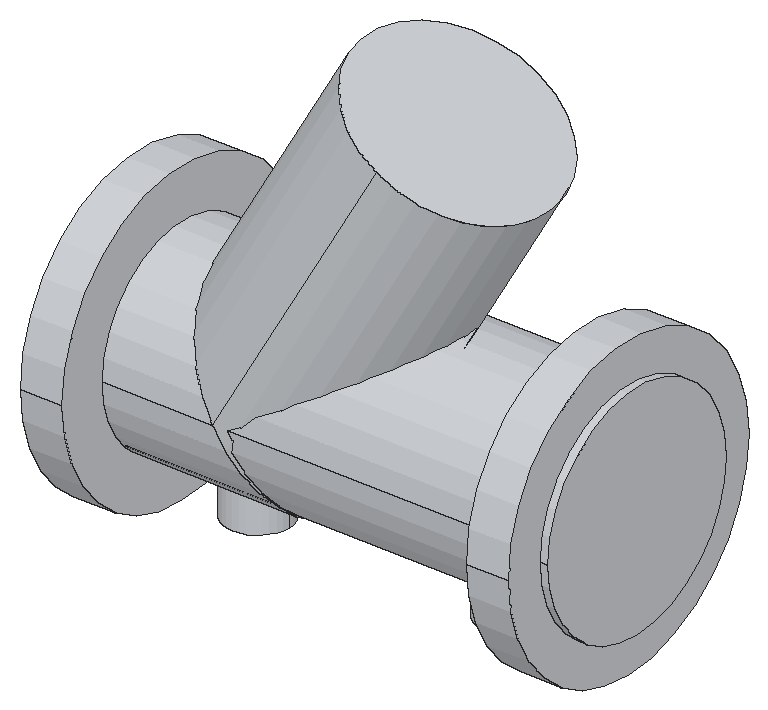
Revit family "HS 821-síto_standard-PN16-DN150-RFA_2019", category Pipe Accessories, Revit 2019
Family settings
  Round Connector Dimension = Use Diameter
  Part Type = Breaks Into
  Work Plane-Based = No
  Always vertical = Yes
  Cut with Voids When Loaded = No
  Shared = No
Parameters (values of type "821A-DN150-PN16-síto_standard")
  magiProductId = "2de770284b654863ae6bc865769dc5"
  magiProductFamilyId = "79214ac3aaa945e397802f559f5c1e"
  magiPartTypeId = 307
  isMeasuringValve [instance] = no
  ang2D [instance] = 0.00°
  ZB__ve = -ZB  # -44.75 mm
  ZB1 = 85.455 mm
  ZB = 44.75 mm
  X2 = 155.885 mm
  X1 = 67.2 mm
  W2D = 15 mm
  VersionID = "2.0/2017.9.26.1/ZETKAMA_821_001"
  Use Minimum Symbol Size [instance] = yes
  URL = "www.hydronix.cz"
  Type Comments = "Filtr přírubový; síto standardní; A-PN16 (-10~300°C); D-PN25 (-10~350°C); F-PN40 (-10~400°C)"
  S = 211 mm
  QmdConnectorList = "301;D;302;D"
  Productdata [instance] = ""
  Manufacturer = "Hydronix"
  MC Product Code = "200 192 (821A; DN150; PN16; kvs403; oko síta 1,60mm)"
  LM1 = 38.4 mm
  LM = 384 mm
  L4 = 120 mm
  L2D_Min = 3048 mm
  L2D = 130 mm
  L2 = 240 mm
  HH2 = 270 mm
  FD = 285 mm
  Description = "Filtr přírubový; síto standardní; 821A-PN16; 821D-PN25; 821F-PN40"
  DM1 = 192 mm
  DM = 189.9 mm
  D = 150 mm
  CC = 8.16 mm
  CAT0 = yes
  C1 = 39.84 mm
  C = 48 mm
  BD = 59.818 mm
Types (40, lengths in mm): name | magiProductId | ZB__ve | ZB1 | ZB | X2 | X1 | S | MC Product Code | LM1 | LM | L4 | L2 | HH2 | FD | DM1 | DM | D | CC | C1 | C | BD
  821A-DN015-PN16-síto_standard | "a71bcfe8b393460598b23e8ddf7dc5" | -16.25 | 18.63 | 16.25 | 46.982 | 18.2 | 46 | "200 115 (821A; DN015; PN16; kvs6,3; oko síta 1,00mm)" | 10.4 | 104 | 32.5 | 65 | 81.375 | 95 | 27.6 | 41.4 | 15 | 2.21 | 10.79 | 13 | 13.041
  821A-DN020-PN16-síto_standard | "41cd6c7a12924f4991217528336076" | -17.75 | 22.68 | 17.75 | 51.673 | 21 | 56 | "200 120 (821A; DN020; PN16; kvs11,2; oko síta 1,00mm)" | 12 | 120 | 37.5 | 75 | 89.5 | 105 | 33.6 | 50.4 | 20 | 2.55 | 12.45 | 15 | 15.876
  821A-DN025-PN16-síto_standard | "be378b463ed14c3abf4c9b3ae8cf3a" | -19.25 | 26.325 | 19.25 | 58.601 | 22.4 | 65 | "200 125 (821A; DN025; PN16; kvs14,7; oko síta 1,00mm)" | 12.8 | 128 | 40 | 80 | 101.5 | 115 | 43.2 | 58.5 | 25 | 2.72 | 13.28 | 16 | 18.427
  821A-DN032-PN16-síto_standard | "227a0d18b21540afabe8b6067d35fa" | -23 | 30.78 | 23 | 68.849 | 25.2 | 76 | "200 132 (821A; DN032; PN16; kvs23,7; oko síta 1,00mm)" | 14.4 | 144 | 45 | 90 | 119.25 | 140 | 50.4 | 68.4 | 32 | 3.06 | 14.94 | 18 | 21.546
  821A-DN040-PN16-síto_standard | "d106917c74724141a10440112d0102" | -24.5 | 34.02 | 24.5 | 75.777 | 28 | 84 | "200 140 (821A; DN040; PN16; kvs37,7; oko síta 1,00mm)" | 16 | 160 | 50 | 100 | 131.25 | 150 | 60 | 75.6 | 40 | 3.4 | 16.6 | 20 | 23.814
  821A-DN050-PN16-síto_standard | "8255d456a09e4f6486734f5dd9171b" | -26.75 | 40.095 | 26.75 | 79.061 | 32.2 | 99 | "200 150 (821A; DN050 PN16; kvs57,9; oko síta 1,00mm)" | 18.4 | 184 | 57.5 | 115 | 136.938 | 165 | 73.8 | 89.1 | 50 | 3.91 | 19.09 | 23 | 28.066
  821A-DN065-PN16-síto_standard | "235b1b3e4c0843779a4d5e3716d40a" | -29.75 | 47.79 | 29.75 | 86.927 | 40.6 | 118 | "200 165 (821A; DN065; PN16; kvs101,5; oko síta 1,25mm)" | 23.2 | 232 | 72.5 | 145 | 150.562 | 185 | 94.2 | 106.2 | 65 | 4.93 | 24.07 | 29 | 33.453
  821A-DN080-PN16-síto_standard | "a067f7c5236348ed8c820d16df7214" | -32 | 53.46 | 32 | 104.753 | 43.4 | 132 | "200 180 (821A; DN080; PN16; kvs147,4; oko síta 1,25mm)" | 24.8 | 248 | 77.5 | 155 | 181.438 | 200 | 107.4 | 118.8 | 80 | 5.27 | 25.73 | 31 | 37.422
  821A-DN100-PN16-síto_standard | "c49a648c2747461285837d643703cd" | -35 | 63.18 | 35 | 114.857 | 49 | 156 | "200 190 (821A; DN100; PN16; kvs209,6; oko síta 1,60mm)" | 28 | 280 | 87.5 | 175 | 198.937 | 220 | 131.4 | 140.4 | 100 | 5.95 | 29.05 | 35 | 44.226
  821A-DN125-PN16-síto_standard | "bf68e728a163493cbd2a663b26ebdc" | -39.5 | 74.52 | 39.5 | 131.888 | 56 | 184 | "200 191 (821A; DN125; PN16; kvs326,2; oko síta 1,60mm)" | 32 | 320 | 100 | 200 | 228.438 | 250 | 165 | 165.6 | 125 | 6.8 | 33.2 | 40 | 52.164
  821A-DN150-PN16-síto_standard | "2de770284b654863ae6bc865769dc5" | -44.75 | 85.455 | 44.75 | 155.885 | 67.2 | 211 | "200 192 (821A; DN150; PN16; kvs403; oko síta 1,60mm)" | 38.4 | 384 | 120 | 240 | 270 | 285 | 192 | 189.9 | 150 | 8.16 | 39.84 | 48 | 59.818
  821A-DN200-PN16-síto_standard | "8e5693371ab64aabb29a7f08c76e15" | -53 | 107.73 | 53 | 188.361 | 84 | 266 | "200 193 (821A; DN200; PN16; kvs707; oko síta 1,60mm)" | 48 | 480 | 150 | 300 | 326.25 | 340 | 252 | 239.4 | 200 | 10.2 | 49.8 | 60 | 75.411
  821A-DN250-PN16-síto_standard | "05e37ed948c34047acdd4c42556504" | -62.75 | 129.195 | 62.75 | 255.911 | 102.2 | 319 | "200 194 (821A; DN250; PN16; kvs1234; oko síta 1,60mm)" | 58.4 | 584 | 182.5 | 365 | 443.25 | 405 | 309.6 | 287.1 | 250 | 12.41 | 60.59 | 73 | 90.436
  821A-DN300-PN16-síto_standard | "9ad0af747269428da925480d83ce80" | -71 | 149.85 | 71 | 325.914 | 119 | 370 | "200 195 (821A; DN300; PN16; kvs1916; oko síta 1,60mm)" | 68 | 680 | 212.5 | 425 | 564.5 | 460 | 369.6 | 333 | 300 | 14.45 | 70.55 | 85 | 104.895
  821A-DN350-PN16-síto_standard | "eebc71459bb3451bb4355e7951370a" | -80 | 173.745 | 80 | 356.875 | 137.2 | 429 | "200 196 (821A; DN350; PN16; kvs2621; oko síta 1,60mm)" | 78.4 | 784 | 245 | 490 | 618.125 | 520 | 438 | 386.1 | 350 | 16.66 | 81.34 | 98 | 121.621
  821A-DN400-PN16-síto_standard | "d2f677cb196647e385b2590e7d8abe" | -89 | 194.4 | 89 | 392.237 | 154 | 480 | "200 197 (821A; DN400; PN16; kvs3460; oko síta 1,60mm)" | 88 | 880 | 275 | 550 | 679.375 | 580 | 498 | 432 | 400 | 18.7 | 91.3 | 110 | 136.08
  821D-DN015-PN25-síto_standard | "27ddcbf555414f8ca1fde329bf9087" | -16.25 | 18.63 | 16.25 | 46.982 | 18.2 | 46 | "200 215 (821D; DN015; PN25; kvs6,3; oko síta 1,00mm)" | 10.4 | 104 | 32.5 | 65 | 81.375 | 95 | 27.6 | 41.4 | 15 | 2.21 | 10.79 | 13 | 13.041
  821D-DN020-PN25-síto_standard | "270e0f14012f47189cd0235c18faee" | -17.75 | 22.68 | 17.75 | 51.673 | 21 | 56 | "200 220 (821D; DN020; PN25; kvs11,2; oko síta 1,00mm)" | 12 | 120 | 37.5 | 75 | 89.5 | 105 | 33.6 | 50.4 | 20 | 2.55 | 12.45 | 15 | 15.876
  821D-DN025-PN25-síto_standard | "b9a7fb4aa36643878c637d8e1ab992" | -19.25 | 26.325 | 19.25 | 58.601 | 22.4 | 65 | "200 225 (821D; DN025; PN25; kvs14,7; oko síta 1,00mm)" | 12.8 | 128 | 40 | 80 | 101.5 | 115 | 43.2 | 58.5 | 25 | 2.72 | 13.28 | 16 | 18.427
  821D-DN032-PN25-síto_standard | "6be9a55c4e68400f94eec7e804204c" | -23 | 30.78 | 23 | 68.849 | 25.2 | 76 | "200 232 (821D; DN032; PN25; kvs23,7; oko síta 1,00mm)" | 14.4 | 144 | 45 | 90 | 119.25 | 140 | 50.4 | 68.4 | 32 | 3.06 | 14.94 | 18 | 21.546
  821D-DN040-PN25-síto_standard | "c54511bd7f584ec2984291479612cb" | -24.5 | 34.02 | 24.5 | 75.777 | 28 | 84 | "200 240 (821D; DN040; PN25; kvs37,7; oko síta 1,00mm)" | 16 | 160 | 50 | 100 | 131.25 | 150 | 60 | 75.6 | 40 | 3.4 | 16.6 | 20 | 23.814
  821D-DN050-PN25-síto_standard | "5483b1f596b04cd39b23a14a22c90e" | -26.75 | 40.095 | 26.75 | 79.061 | 32.2 | 99 | "200 250 (821D; DN050; PN25; kvs57,9; oko síta 1,00mm)" | 18.4 | 184 | 57.5 | 115 | 136.938 | 165 | 73.8 | 89.1 | 50 | 3.91 | 19.09 | 23 | 28.066
  821D-DN065-PN25-síto_standard | "767b0f8318e94750bc7a9930ed5b30" | -29.75 | 47.79 | 29.75 | 86.927 | 40.6 | 118 | "200 265 (821D; DN065; PN25; kvs101,5; oko síta 1,25mm)" | 23.2 | 232 | 72.5 | 145 | 150.562 | 185 | 94.2 | 106.2 | 65 | 4.93 | 24.07 | 29 | 33.453
  821D-DN080-PN25-síto_standard | "e21040fa3cc2404b858198f6b73709" | -32 | 53.46 | 32 | 104.753 | 43.4 | 132 | "200 280 (821D; DN080; PN25; kvs147,4; oko síta 1,25mm)" | 24.8 | 248 | 77.5 | 155 | 181.438 | 200 | 107.4 | 118.8 | 80 | 5.27 | 25.73 | 31 | 37.422
  821D-DN100-PN25-síto_standard | "175ca87a506b40b3bc6b82f12f33cf" | -37.25 | 63.18 | 37.25 | 114.857 | 49 | 156 | "200 290 (821D; DN100; PN25; kvs209,6; oko síta 1,60mm)" | 28 | 280 | 87.5 | 175 | 198.937 | 235 | 131.4 | 140.4 | 100 | 5.95 | 29.05 | 35 | 44.226
  821D-DN125-PN25-síto_standard | "77cc98d60da24855999a22dff726b2" | -42.5 | 74.52 | 42.5 | 131.888 | 56 | 184 | "200 291 (821D; DN125; PN25; kvs326,2; oko síta 1,60mm)" | 32 | 320 | 100 | 200 | 228.438 | 270 | 165 | 165.6 | 125 | 6.8 | 33.2 | 40 | 52.164
  821D-DN150-PN25-síto_standard | "9cf8acfcd15547d68e83172d3abcbe" | -47 | 85.455 | 47 | 155.885 | 67.2 | 211 | "200 292 (821D; DN150; PN25; kvs403; oko síta 1,60mm)" | 38.4 | 384 | 120 | 240 | 270 | 300 | 192 | 189.9 | 150 | 8.16 | 39.84 | 48 | 59.818
  821D-DN200-PN25-síto_standard | "16973f3c9ea14389ba8602495a6b64" | -56 | 110.97 | 56 | 188.361 | 84 | 274 | "200 293 (821D; DN200; PN25; kvs707; oko síta 1,60mm)" | 48 | 480 | 150 | 300 | 326.25 | 360 | 252 | 246.6 | 200 | 10.2 | 49.8 | 60 | 77.679
  821F-DN015-PN40-síto_standard | "4c7eaf3c4c0340888b3e684d8a8616" | -16.25 | 18.225 | 16.25 | 46.982 | 18.2 | 45 | "240 615 (821F; DN015; PN40; kvs6,3; oko síta 1,00mm)" | 10.4 | 104 | 32.5 | 65 | 81.375 | 95 | 27.6 | 40.5 | 15 | 2.21 | 10.79 | 13 | 12.757
  821F-DN020-PN40-síto_standard | "aaac5f1ec96b44d6ba96ac2293d66d" | -17.75 | 23.49 | 17.75 | 51.673 | 21 | 58 | "240 620 (821F; DN020; PN40; kvs11,2; oko síta 1,00mm)" | 12 | 120 | 37.5 | 75 | 89.5 | 105 | 33.6 | 52.2 | 20 | 2.55 | 12.45 | 15 | 16.443
  821F-DN025-PN40-síto_standard | "504768023968471481789485b54c7e" | -19.25 | 27.54 | 19.25 | 58.601 | 22.4 | 68 | "240 625 (821F; DN025; PN40; kvs14,7; oko síta 1,00mm)" | 12.8 | 128 | 40 | 80 | 101.5 | 115 | 43.2 | 61.2 | 25 | 2.72 | 13.28 | 16 | 19.278
  821F-DN032-PN40-síto_standard | "165e7f39cf744f329bdf1c400dad12" | -23 | 31.59 | 23 | 68.849 | 25.2 | 78 | "240 632 (821F; DN032; PN40; kvs23,7; oko síta 1,00mm)" | 14.4 | 144 | 45 | 90 | 119.25 | 140 | 50.4 | 70.2 | 32 | 3.06 | 14.94 | 18 | 22.113
  821F-DN040-PN40-síto_standard | "b8903f952089408fbf3a5a632bab1f" | -24.5 | 35.64 | 24.5 | 75.777 | 28 | 88 | "240 640 (821F; DN040; PN40; kvs37,7; oko síta 1,00mm)" | 16 | 160 | 50 | 100 | 131.25 | 150 | 60 | 79.2 | 40 | 3.4 | 16.6 | 20 | 24.948
  821F-DN050-PN40-síto_standard | "c451f97266fe48da8f879cb6a2bd44" | -26.75 | 41.31 | 26.75 | 79.061 | 32.2 | 102 | "240 650 (821F; DN050; PN40; kvs57,9; oko síta 1,00mm)" | 18.4 | 184 | 57.5 | 115 | 136.938 | 165 | 73.8 | 91.8 | 50 | 3.91 | 19.09 | 23 | 28.917
  821F-DN065-PN40-síto_standard | "dc9821e3f9b34e128f6a8c6b34c198" | -29.75 | 49.41 | 29.75 | 86.927 | 40.6 | 122 | "240 665 (821F; DN065; PN40; kvs101,5; oko síta 1,25mm)" | 23.2 | 232 | 72.5 | 145 | 150.562 | 185 | 94.2 | 109.8 | 65 | 4.93 | 24.07 | 29 | 34.587
  821F-DN080-PN40-síto_standard | "689aa1e260f84cf4994f027a1d86b5" | -32 | 55.89 | 32 | 104.753 | 43.4 | 138 | "240 680 (821F; DN080; PN40; kvs147,4; oko síta 1,25mm)" | 24.8 | 248 | 77.5 | 155 | 181.438 | 200 | 107.4 | 124.2 | 80 | 5.27 | 25.73 | 31 | 39.123
  821F-DN100-PN40-síto_standard | "8a45d4e8e2ab425f8c432f21d684f3" | -37.25 | 65.61 | 37.25 | 114.857 | 49 | 162 | "240 690 (821F; DN100; PN40; kvs209,6; oko síta 1,6mm)" | 28 | 280 | 87.5 | 175 | 198.937 | 235 | 131.4 | 145.8 | 100 | 5.95 | 29.05 | 35 | 45.927
  821F-DN125-PN40-síto_standard | "cf073904c006406b8645afa67ea2fc" | -42.5 | 76.14 | 42.5 | 131.888 | 56 | 188 | "240 691 (821F; DN125; PN40; kvs326,2; oko síta 1,6mm)" | 32 | 320 | 100 | 200 | 228.438 | 270 | 165 | 169.2 | 125 | 6.8 | 33.2 | 40 | 53.298
  821F-DN150-PN40-síto_standard | "0153b9ddabe14992a630484929fdbc" | -47 | 88.29 | 47 | 155.885 | 67.2 | 218 | "240 692 (821F; DN150; PN40; kvs403; oko síta 1,6mm)" | 38.4 | 384 | 120 | 240 | 270 | 300 | 192 | 196.2 | 150 | 8.16 | 39.84 | 48 | 61.803
  821F-DN200-PN40-síto_standard | "7fb3fc01dd8d42428c203e3f8dd4d5" | -56 | 115.425 | 56 | 188.361 | 84 | 285 | "240 693 (821F; DN200; PN40; kvs707; oko síta 1,6mm)" | 48 | 480 | 150 | 300 | 326.25 | 360 | 252 | 256.5 | 200 | 10.2 | 49.8 | 60 | 80.797
Reference planes
  plane 1 "Center (Front/Back)": y = 0
  plane 2 "XYPLANE": z = 0
  plane 3 "Center (Left/Right)": x = 0
  plane 4 "109": x = -153.6
  plane 5 "108": x = 192
  plane 6 "107": x = -192
  plane 7 "105": x = 240
  plane 8 "104": x = -240
  plane 9 "103": y = 0
  plane 10 "102": z = 0
  plane 11 "101": x = -231.84
  plane 12 "100": x = 231.84
  plane 13 "11": x = -86.4
  plane 14 "10": z = 270
  plane 15 "9": x = 69.485
  plane 16 "5": z = -85.455
  plane 17 "4": x = -120
  plane 18 "1": x = 120
Forms (mm)
  Extrusion 1, solid, visible <- "CAT0"
    sketch origin (-192, -750, 0) x (0, 1, 0) y (0, 0, 1)
      loop
        circle (750, 0) r 94.95
    from 0 to 384 <- "LM"
  Extrusion 2, solid
    sketch origin (-240, -750, 0) x (0, 1, 0) y (0, 0, 1)
      loop
        circle (750, 0) r 105.5
    from 0 to 8.16 <- "CC"
  Extrusion 3, solid
    sketch origin (-231.84, -750, 0) x (0, 1, 0) y (0, 0, 1)
      loop
        circle (750, 0) r 142.5
    from 0 to 39.84 <- "C1"
  Extrusion 4, solid
    sketch origin (192, -750, 0) x (0, 1, 0) y (0, 0, 1)
      loop
        circle (750, 0) r 142.5
    from 0 to 39.84 <- "C1"
  Extrusion 5, solid
    sketch origin (231.84, -750, 0) x (0, 1, 0) y (0, 0, 1)
      loop
        circle (750, 0) r 105.5
    from 0 to 8.16 <- "CC"
  Sweep 6, solid, visible <- "CAT0"
    path origin (750, 0, 0) x (-1, 0, 0) y (0, 0, 1)
      loop
        line (942, 0) -> (836.4, 0) -> (680.515, 270)
    profile origin (-192, 0, 0) x (0, 0, -1) y (0, 1, 0)
      loop
        circle (0, 0) r 96
  Extrusion 7, solid, visible <- "CAT0"
    sketch origin (-750, 0, -85.455) x (1, 0, 0) y (0, 1, 0)
      loop
        circle (630, 0) r 29.909
    from 0 to -44.75 <- "ZB__ve"
  Extrusion 8, solid, visible <- "CAT0"
    sketch origin (-750, 0, -85.455) x (1, 0, 0) y (0, 1, 0)
      loop
        circle (870, 0) r 29.909
    from 0 to -44.75 <- "ZB__ve"
  Extrusion 9, solid, not visible
    sketch origin (240, -750, 0) x (0, 1, 0) y (0, 0, 1)
      loop
        circle (750, 0) r 10
    from 0 to -10
  Extrusion 10, solid, not visible
    sketch origin (-240, -750, 0) x (0, 1, 0) y (0, 0, 1)
      loop
        circle (750, 0) r 10
    from 0 to 10
Lines and regions (mm)
  reference lines, not visible
    curve 1: circle (2, 2, 0) r 1 normal (0, 0, 1)
Dimensions and locks
  plane 1 "Center (Front/Back)" to curve 1 = 2 mm
  "LM1": plane 6 "107" to plane 4 "109"
  "LM": plane 6 "107" to plane 5 "108"
  "C": plane 8 "104" to plane 6 "107"
  "L2": plane 3 "Center (Left/Right)" to plane 7 "105"
  "L2": plane 3 "Center (Left/Right)" to plane 8 "104"
  locked: plane 1 "Center (Front/Back)" to plane 9 "103"
  locked: plane 2 "XYPLANE" to plane 10 "102"
  "CC": plane 8 "104" to plane 11 "101"
  "C1": plane 5 "108" to plane 12 "100"
  "X1": plane 4 "109" to plane 13 "11"
  "HH2": plane 2 "XYPLANE" to plane 14 "10"
  "X2": plane 13 "11" to plane 15 "9"
  "ZB1": plane 2 "XYPLANE" to plane 16 "5"
  "L4": plane 8 "104" to plane 17 "4"
  "L2": plane 17 "4" to plane 18 "1"
  Sweep 6 sketch curve to Sweep 6 sketch curve = 0 mm  (x2)
  "DM": diameter of Extrusion 1 sketch curve
  "S": diameter of Extrusion 2 sketch curve
  "FD": diameter of Extrusion 3 sketch curve
  "FD": diameter of Extrusion 4 sketch curve
  "S": diameter of Extrusion 5 sketch curve
  "DM1": diameter of Sweep 6 sketch curve
  "BD": diameter of Extrusion 7 sketch curve
  "BD": diameter of Extrusion 8 sketch curve
  aligned and locked: level to plane 2 "XYPLANE"
  aligned and locked: Extrusion 1 sketch curve to plane 9 "103"
  aligned and locked: plane 10 "102" to Extrusion 1 sketch curve
  aligned and locked: Extrusion 2 sketch curve to plane 9 "103"
  aligned and locked: plane 10 "102" to Extrusion 2 sketch curve
  aligned and locked: Extrusion 3 sketch curve to plane 9 "103"
  aligned and locked: plane 10 "102" to Extrusion 3 sketch curve
  aligned and locked: Extrusion 4 sketch curve to plane 9 "103"
  aligned and locked: plane 10 "102" to Extrusion 4 sketch curve
  aligned and locked: Extrusion 5 sketch curve to plane 9 "103"
  aligned and locked: plane 10 "102" to Extrusion 5 sketch curve
  aligned and locked: Sweep 6 sketch curve to plane 9 "103"
  aligned and locked: plane 10 "102" to Sweep 6 sketch curve  (x3)
  aligned and locked: plane 6 "107" to Sweep 6 sketch curve
  aligned and locked: plane 13 "11" to Sweep 6 sketch curve
  aligned and locked: plane 14 "10" to Sweep 6 sketch curve
  aligned and locked: plane 15 "9" to Sweep 6 sketch curve
  aligned and locked: plane 9 "103" to Extrusion 7 sketch curve
  aligned and locked: plane 17 "4" to Extrusion 7 sketch curve
  aligned and locked: plane 9 "103" to Extrusion 8 sketch curve
  aligned and locked: plane 18 "1" to Extrusion 8 sketch curve
  aligned and locked: Extrusion 9 sketch curve to plane 9 "103"
  aligned and locked: plane 10 "102" to Extrusion 9 sketch curve
  aligned and locked: Extrusion 10 sketch curve to plane 9 "103"
  aligned and locked: plane 10 "102" to Extrusion 10 sketch curve
Automatic sketch dimensions
  plane 1 "Center (Front/Back)" to Extrusion 9 sketch curve = 10 mm
  plane 1 "Center (Front/Back)" to Extrusion 10 sketch curve = 10 mm
  plane 3 "Center (Left/Right)" to curve 1 = 2 mm
  radius of curve 1 = 1 mm
Connectors
  piping at (-240, 0, 0), diameter 150, driven by "D"
    settings: on Extrusion 10, index 1, connector inside diameter 609.6 mm, connector length 0 mm, flow factor 0, pipe flow 0.0 L/s, pressure drop 0.0 Pa, fitting loss kfactor 0, connector angle 0.00°, fixture units 0, engagement length 0 mm, angle of deflection 0.00°, flow configuration 0, flow direction 0, fitting loss method 0, system type 29, joint type 0, gender type 0, connector reference index 2, connector utility 0, adjustable connector no, is connector primary yes, connector description ""
  piping at (240, 0, 0), diameter 150, driven by "D"
    settings: on Extrusion 9, index 2, connector inside diameter 609.6 mm, connector length 0 mm, flow factor 0, pipe flow 0.0 L/s, pressure drop 0.0 Pa, fitting loss kfactor 0, connector angle 0.00°, fixture units 0, engagement length 0 mm, angle of deflection 0.00°, flow configuration 0, flow direction 0, fitting loss method 0, system type 29, joint type 0, gender type 0, connector reference index 1, connector utility 0, adjustable connector no, is connector primary no, connector description ""
